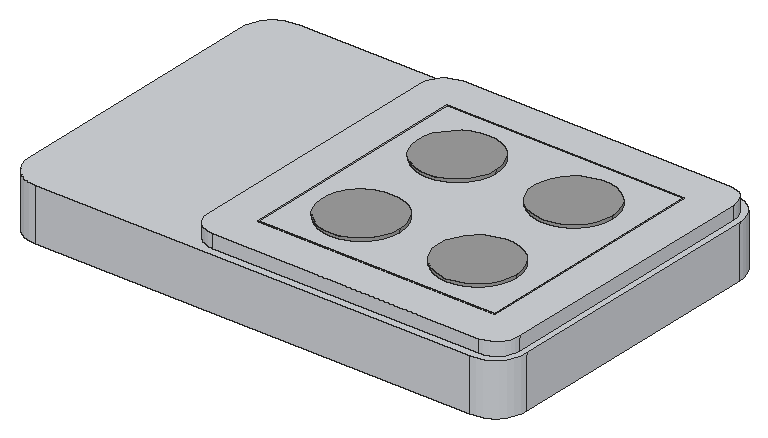
Revit family "Lighting-Industriale-GEWISS-SMART[4]HE_APPARECCHI-LED_1M_DALI", category Apparecchi per illuminazione, Revit 2019
Family settings
  Quota connettore circolare = Usa diametro
  Tipo di parte = Normale
  Numero OmniClass = 23.80.00.00
  Titolo OmniClass = Electric Power and Lighting
  Basato su piano di lavoro = Sì
  Sempre verticale = No
  Taglio con vuoti quando caricato = No
  Sorgente d'illuminazione = No
  Condiviso = No
  Punto di calcolo locali = Sì
Parameters (values of type "GWS4123AQ857 - SMART4LB 1M C.PAS.DALI ELL.57K")
  Voltaggio = 230 V
  Viti esterne = "Acciaio inox"
  Vetro acceso = Lampada accesa
  Versione file RFA = "20.11"
  Vano di alimentazione = "Integrato"
  URL = "https://www.gewiss.com/it/it"
  Tolleranza cromatica = "SDCM = 3"
  Tipologia sorgente luminosa = "LED - Non sostituibile"
  Tipo di installazione e montaggio = "Plafone - Parete - Sospensione"
  Tipo di apparecchio = "Riflettore industriale a LED&nbsp;"
  Tensione di alimentazione = "220 - 240 V"
  Temperatura di stoccaggio = "-40 +70 °C"
  Temperatura di esercizio = "-30°C ÷ +50 °C"
  Temperatura di colore = "5700K"
  Superficie massima esposta al vento : = "0,097 m²"
  Spostamento_Y_etichetta [instance] = 0 mm
  Spostamento_Y_effettivo_etichetta [instance] = 1500 mm - Spostamento_Y_etichetta  # 1500 mm
  Spostamento_X_etichetta [instance] = 0 mm
  Spostamento_X_effettivo_etichetta [instance] = 1500 mm - Spostamento_X_etichetta  # 1500 mm
  SostituibilitÃ  piastra di cablaggio = "Non sostituibile"
  SostituibilitÃ  gruppo ottico = "Non sostituibile"
  Sistema di controllo : = "DALI"
  Sistema di controllo = "1 x DALI DT6"
  Schermo = "Vetro Temprato Spessore 4mm"
  Scheda Tecnica = "https://www.gewiss.com/it/it/search?q=GWS4123AQ857"
  SEO = "Low Bay"
  Resistenza al filo incandescente = "850 °C"
  Resistenza agli urti = "IK08"
  Produttore = "GEWISS S.p.A."
  Potenza di sistema = "48W"
  Peso (kg): = "3,5"
  Ottica = "Ellittica"
  Offset etichetta W [instance] = 120 mm
  Norma di riferimento = "EN 60598-1 ; EN 60598-2-1 ; EN 60598-2-24"
  Modello = "GWS4123AQ857"
  Materiali = "-"
  Lumen output (lm) = "6300"
  Lampada = "LED"
  Installazione e manutenzione = "-"
  Informazioni generali = "-"
  Indice di resa cromatica = "CRI-80"
  Inclinazione = "Con accessorio staffa"
  Immagine tipo = GWL1071.jpg
  IPEA = "-"
  IFC.TypeObject = ""
  IFC.ExportType = ""
  IFC.ExportAs = ""
  IDT = "9d21ab41a4404c819d8f88b838f402fb"
  IDF = "35c11ef9-9684-4acc-8d12-75d744717c91"
  Guarnizioni = "tipo siliconico antinvecchiamento "
  Gruppo ottico = "Riflettore in PC metallizzato e lenti in PMMA"
  Grado di protezione = "IP66"
  Garanzia = "5 anni"
  Gancio di chiusura = "-"
  Frequenza nominale (Hz) = "50/60 Hz"
  Fissaggio = "-"
  Finitura colore = "Grigio RAL 7035"
  Etichetta wattaggio [instance] = yes
  Default Elevation = 1219.2 mm
  Trasformatore = none
  Spessore plafoniera = 40 mm  # constant formula
  Proiettsmart [instance] = yes
  Raggio led = 30 mm  # constant formula
  Plafoniera = none
  Efficienza luminosa (lm/W) = "131"
  Durata di vita = "L90B10 (Tq+25°C) = 100.000 h - L90B10 (Tq+50°C) = 50.000 h"
  Dispositivo di protezione = "DM 6 kV / CM 10 kV"
  Descrizione = "SMART[4]LB 1M C.PAS.DALI ELL.57K"
  Creato da GEWISS S.p.A. = ""
  Corpo = "PA6 “Halogen Free” caricato fibra vetro"
  Controllo abbagliamento e luminanza = "-"
  Contesto = "Illuminazione di logistiche e locali produttivi industriali"
  Commenti sul wattaggio = "50W"
  Colore = "Grigio RAL 7035"
  Codice digitale univoco (Datamatrix) = "Datamatrix"
  Codice Electrocod = "2444"
  Classificazione: = "-"
  Classificazione = Lighting
  Classe isolamento = "I"
  Classe fotobiologica = "RG0"
  Certificazioni e classificazioni = "-"
  Certificazione DIN 18032-3 = "Con Staffa - Kit Funi + morsetto (in approvazione)"
  Catalogo = "LIGHTING"
  Carico apparente = 50 VA
  Motore = none
  Lunghezza = 383 mm  # constant formula
  Larghezza = 253 mm  # constant formula
  Distanza tot_plafoniera = 74 mm  # constant formula
  Dettaglio bidimensionale attivo [instance] = not(Proiettsmart)  # no
  Caratteristiche ottiche e illuminotecniche = "-"
  Caratteristiche elettriche e gestione della luce = "-"
  Cablaggio = "Con connettore stagno Gw connect"
  COBie.Tagnumber = ""
  COBie.CreatedOn = ""
  COBie.CreatebBy = ""
  COBie.ComponentRegisterItemID = ""
  COBie.Component.TagNumber = ""
  COBie.Component.Space = ""
  COBie.Component.SerialNumber = ""
  COBie.Component.InstallationDate = ""
  COBie.Component.Description = ""
  COBie.Component.BarCode = ""
  Applicazione = "Interno"
  Apparecchio a ridotta temperatura superficiale = "Si"
  Alimentatore = "Incluso"
Types (36, lengths in mm): name | Temperatura di colore | Scheda Tecnica | SEO | Ottica | Modello | Lumen output (lm) | IDT | Gruppo ottico | Efficienza luminosa (lm/W) | Descrizione | Controllo abbagliamento e luminanza
  GWS4121AA830 - SMART4LB 1M ST.AL.DALI ARR.30K | "3000K" | "https://www.gewiss.com/it/it/search?q=GWS4121AA830" | "" | "Array" | "GWS4121AA830" | "6700" | "6575a5e226274161888ed1a8da465f44" | "Riflettore in PC metallizzato" | "140" | "SMART[4]LB 1M ST.AL.DALI ARR.30K" | "-"
  GWS4121AA840 - SMART4LB 1M ST.AL.DALI ARR.40K | "4000K" | "https://www.gewiss.com/it/it/search?q=GWS4121AA840" | "" | "Array" | "GWS4121AA840" | "7100" | "7e27655c4dc64b5ebdd023cf2f50b21a" | "Riflettore in PC metallizzato" | "148" | "SMART[4]LB 1M ST.AL.DALI ARR.40K" | "-"
  GWS4121AA857 - SMART4LB 1M ST.AL.DALI ARR.57K | "5700K" | "https://www.gewiss.com/it/it/search?q=GWS4121AA857" | "" | "Array" | "GWS4121AA857" | "7100" | "9294685261564dcc9cdc927a9b5919f4" | "Riflettore in PC metallizzato" | "148" | "SMART[4]LB 1M ST.AL.DALI ARR.57K" | "-"
  GWS4121AC830 - SMART4LB 1M ST.AL.DALI ASI.30K | "3000K" | "https://www.gewiss.com/it/it/search?q=GWS4121AC830" | "Low Bay" | "Asimmetrica" | "GWS4121AC830" | "6000" | "5639a58d57ae401f893442a4c8d9d8d5" | "Riflettore in PC metallizzato e lenti in PMMA" | "125" | "SMART[4]LB 1M ST.AL.DALI ASI.30K" | "-"
  GWS4121AC840 - SMART4LB 1M ST.AL.DALI ASI.40K | "4000K" | "https://www.gewiss.com/it/it/search?q=GWS4121AC840" | "Low Bay" | "Asimmetrica" | "GWS4121AC840" | "6300" | "cf54c576c14047f9b6888000e31c831b" | "Riflettore in PC metallizzato e lenti in PMMA" | "131" | "SMART[4]LB 1M ST.AL.DALI ASI.40K" | "-"
  GWS4121AC857 - SMART4LB 1M ST.AL.DALI ASI.57K | "5700K" | "https://www.gewiss.com/it/it/search?q=GWS4121AC857" | "Low Bay" | "Asimmetrica" | "GWS4121AC857" | "6300" | "e0e8bbd179314f3d951dadfe40b33fbe" | "Riflettore in PC metallizzato e lenti in PMMA" | "131" | "SMART[4]LB 1M ST.AL.DALI ASI.57K" | "-"
  GWS4121AF830 - SMART4LB 1M ST.AL.DALI 30° 30K | "3000K" | "https://www.gewiss.com/it/it/search?q=GWS4121AF830" | "" | "30°" | "GWS4121AF830" | "6600" | "222c483b34654f3aa34360c4fc99fd48" | "Riflettore in PC metallizzato e lenti in PMMA" | "138" | "SMART[4]LB 1M ST.AL.DALI 30° 30K" | "UGR - 22"
  GWS4121AF840 - SMART4LB 1M ST.AL.DALI 30° 40K | "4000K" | "https://www.gewiss.com/it/it/search?q=GWS4121AF840" | "" | "30°" | "GWS4121AF840" | "7000" | "57c5278e8ba54a65bcb4b08dca939587" | "Riflettore in PC metallizzato e lenti in PMMA" | "146" | "SMART[4]LB 1M ST.AL.DALI 30° 40K" | "UGR - 22"
  GWS4121AF857 - SMART4LB 1M ST.AL.DALI 30° 57K | "5700K" | "https://www.gewiss.com/it/it/search?q=GWS4121AF857" | "" | "30°" | "GWS4121AF857" | "7000" | "590fd7cee68a4f7eaebd5c043a54b16e" | "Riflettore in PC metallizzato e lenti in PMMA" | "146" | "SMART[4]LB 1M ST.AL.DALI 30° 57K" | "UGR - 22"
  GWS4121AH830 - SMART4LB 1M ST.AL.DALI 60° 30K | "3000K" | "https://www.gewiss.com/it/it/search?q=GWS4121AH830" | "" | "60°" | "GWS4121AH830" | "6700" | "7559b23f92e1443693dda005dddec8be" | "Riflettore in PC metallizzato e lenti in PMMA" | "140" | "SMART[4]LB 1M ST.AL.DALI 60° 30K" | "UGR - 22"
  GWS4121AH840 - SMART4LB 1M ST.AL.DALI 60° 40K | "4000K" | "https://www.gewiss.com/it/it/search?q=GWS4121AH840" | "" | "60°" | "GWS4121AH840" | "7000" | "114f519ed9254c44869b1d76ee396d78" | "Riflettore in PC metallizzato e lenti in PMMA" | "146" | "SMART[4]LB 1M ST.AL.DALI 60° 40K" | "UGR - 22"
  GWS4121AH857 - SMART4LB 1M ST.AL.DALI 60° 57K | "5700K" | "https://www.gewiss.com/it/it/search?q=GWS4121AH857" | "" | "60°" | "GWS4121AH857" | "7000" | "b2bb59479b284d7dba2b435026cba5f4" | "Riflettore in PC metallizzato e lenti in PMMA" | "146" | "SMART[4]LB 1M ST.AL.DALI 60° 57K" | "UGR - 22"
  GWS4121AP830 - SMART4LB 1M ST.AL.DALI 90° 30K | "3000K" | "https://www.gewiss.com/it/it/search?q=GWS4121AP830" | "" | "90°" | "GWS4121AP830" | "6800" | "3c4b503c0d304551a7d94e2546148cf7" | "Riflettore in PC metallizzato e lenti in PMMA" | "142" | "SMART[4]LB 1M ST.AL.DALI 90° 30K" | "UGR - 25"
  GWS4121AP840 - SMART4LB 1M ST.AL.DALI 90° 40K | "4000K" | "https://www.gewiss.com/it/it/search?q=GWS4121AP840" | "" | "90°" | "GWS4121AP840" | "7200" | "1131016a72414b50821f2010292967ae" | "Riflettore in PC metallizzato e lenti in PMMA" | "150" | "SMART[4]LB 1M ST.AL.DALI 90° 40K" | "UGR - 25"
  GWS4121AP857 - SMART4LB 1M ST.AL.DALI 90° 57K | "5700K" | "https://www.gewiss.com/it/it/search?q=GWS4121AP857" | "" | "90°" | "GWS4121AP857" | "7200" | "d29fc206d8fe467ca91ea074913df435" | "Riflettore in PC metallizzato e lenti in PMMA" | "150" | "SMART[4]LB 1M ST.AL.DALI 90° 57K" | "UGR - 25"
  GWS4121AQ830 - SMART4LB 1M ST.AL.DALI ELL.30K | "3000K" | "https://www.gewiss.com/it/it/search?q=GWS4121AQ830" | "Low Bay" | "Ellittica" | "GWS4121AQ830" | "6000" | "64e97dc79cf04332bbe1c0adddcfb71e" | "Riflettore in PC metallizzato e lenti in PMMA" | "125" | "SMART[4]LB 1M ST.AL.DALI ELL.30K" | "-"
  GWS4121AQ840 - SMART4LB 1M ST.AL.DALI ELL.40K | "4000K" | "https://www.gewiss.com/it/it/search?q=GWS4121AQ840" | "Low Bay" | "Ellittica" | "GWS4121AQ840" | "6300" | "1e6c23f07a064a05a09a8bf78f78dc66" | "Riflettore in PC metallizzato e lenti in PMMA" | "131" | "SMART[4]LB 1M ST.AL.DALI ELL.40K" | "-"
  GWS4121AQ857 - SMART4LB 1M ST.AL.DALI ELL.57K | "5700K" | "https://www.gewiss.com/it/it/search?q=GWS4121AQ857" | "Low Bay" | "Ellittica" | "GWS4121AQ857" | "6300" | "3e8a1355256049cb8f869d7d8f3738ee" | "Riflettore in PC metallizzato e lenti in PMMA" | "131" | "SMART[4]LB 1M ST.AL.DALI ELL.57K" | "-"
  GWS4123AA830 - SMART4LB 1M C.PAS.DALI ARR.30K | "3000K" | "https://www.gewiss.com/it/it/search?q=GWS4123AA830" | "" | "Array" | "GWS4123AA830" | "6700" | "423a1bd639574fa98705e193c6ba380c" | "Riflettore in PC metallizzato" | "140" | "SMART[4]LB 1M C.PAS.DALI ARR.30K" | "-"
  GWS4123AA840 - SMART4LB 1M C.PAS.DALI ARR.40K | "4000K" | "https://www.gewiss.com/it/it/search?q=GWS4123AA840" | "" | "Array" | "GWS4123AA840" | "7100" | "67817799260c45bea176543f1069abf0" | "Riflettore in PC metallizzato" | "148" | "SMART[4]LB 1M C.PAS.DALI ARR.40K" | "-"
  GWS4123AA857 - SMART4LB 1M C.PAS.DALI ARR.57K | "5700K" | "https://www.gewiss.com/it/it/search?q=GWS4123AA857" | "" | "Array" | "GWS4123AA857" | "7100" | "ead64454304c4256b51e884ded535590" | "Riflettore in PC metallizzato" | "148" | "SMART[4]LB 1M C.PAS.DALI ARR.57K" | "-"
  GWS4123AC830 - SMART4LB 1M C.PAS.DALI ASI.30K | "3000K" | "https://www.gewiss.com/it/it/search?q=GWS4123AC830" | "Low Bay" | "Asimmetrica" | "GWS4123AC830" | "6000" | "a5928898b63b485990cee71d2d050c13" | "Riflettore in PC metallizzato e lenti in PMMA" | "125" | "SMART[4]LB 1M C.PAS.DALI ASI.30K" | "-"
  GWS4123AC840 - SMART4LB 1M C.PAS.DALI ASI.40K | "4000K" | "https://www.gewiss.com/it/it/search?q=GWS4123AC840" | "Low Bay" | "Asimmetrica" | "GWS4123AC840" | "6300" | "478b02b8d6d54683b8f480457f1759eb" | "Riflettore in PC metallizzato e lenti in PMMA" | "131" | "SMART[4]LB 1M C.PAS.DALI ASI.40K" | "-"
  GWS4123AC857 - SMART4LB 1M C.PAS.DALI ASI.57K | "5700K" | "https://www.gewiss.com/it/it/search?q=GWS4123AC857" | "Low Bay" | "Asimmetrica" | "GWS4123AC857" | "6300" | "8a72133b518347c08abc40dae101a55c" | "Riflettore in PC metallizzato e lenti in PMMA" | "131" | "SMART[4]LB 1M C.PAS.DALI ASI.57K" | "-"
  GWS4123AF830 - SMART4LB 1M C.PAS.DALI 30° 30K | "3000K" | "https://www.gewiss.com/it/it/search?q=GWS4123AF830" | "" | "30°" | "GWS4123AF830" | "6600" | "570e8caee9c7422c94439ec4f690d745" | "Riflettore in PC metallizzato e lenti in PMMA" | "138" | "SMART[4]LB 1M C.PAS.DALI 30° 30K" | "UGR - 22"
  GWS4123AF840 - SMART4LB 1M C.PAS.DALI 30° 40K | "4000K" | "https://www.gewiss.com/it/it/search?q=GWS4123AF840" | "" | "30°" | "GWS4123AF840" | "7000" | "26895518f0f0431fa5c2be53f5f2ebf3" | "Riflettore in PC metallizzato e lenti in PMMA" | "146" | "SMART[4]LB 1M C.PAS.DALI 30° 40K" | "UGR - 22"
  GWS4123AF857 - SMART4LB 1M C.PAS.DALI 30° 57K | "5700K" | "https://www.gewiss.com/it/it/search?q=GWS4123AF857" | "" | "30°" | "GWS4123AF857" | "7000" | "6af70692b8df4fb1814c615192c6ddb4" | "Riflettore in PC metallizzato e lenti in PMMA" | "146" | "SMART[4]LB 1M C.PAS.DALI 30° 57K" | "UGR - 22"
  GWS4123AH830 - SMART4LB 1M C.PAS.DALI 60° 30K | "3000K" | "https://www.gewiss.com/it/it/search?q=GWS4123AH830" | "" | "60°" | "GWS4123AH830" | "6700" | "b1f4ba53b22c4701a5cd1a40345f7087" | "Riflettore in PC metallizzato e lenti in PMMA" | "140" | "SMART[4]LB 1M C.PAS.DALI 60° 30K" | "UGR - 22"
  GWS4123AH840 - SMART4LB 1M C.PAS.DALI 60° 40K | "4000K" | "https://www.gewiss.com/it/it/search?q=GWS4123AH840" | "" | "60°" | "GWS4123AH840" | "7000" | "7743050c348d4df2a060af9cdba1168f" | "Riflettore in PC metallizzato e lenti in PMMA" | "146" | "SMART[4]LB 1M C.PAS.DALI 60° 40K" | "UGR - 22"
  GWS4123AH857 - SMART4LB 1M C.PAS.DALI 60° 57K | "5700K" | "https://www.gewiss.com/it/it/search?q=GWS4123AH857" | "" | "60°" | "GWS4123AH857" | "7000" | "491433178b634c77bd19eb374e1af8b1" | "Riflettore in PC metallizzato e lenti in PMMA" | "146" | "SMART[4]LB 1M C.PAS.DALI 60° 57K" | "UGR - 22"
  GWS4123AP830 - SMART4LB 1M C.PAS.DALI 90° 30K | "3000K" | "https://www.gewiss.com/it/it/search?q=GWS4123AP830" | "" | "90°" | "GWS4123AP830" | "6800" | "2332b3f4ef524060b2b5212ff4d98975" | "Riflettore in PC metallizzato e lenti in PMMA" | "142" | "SMART[4]LB 1M C.PAS.DALI 90° 30K" | "UGR - 25"
  GWS4123AP840 - SMART4LB 1M C.PAS.DALI 90° 40K | "4000K" | "https://www.gewiss.com/it/it/search?q=GWS4123AP840" | "" | "90°" | "GWS4123AP840" | "7200" | "6287811143d3479186fa79eb33668f68" | "Riflettore in PC metallizzato e lenti in PMMA" | "150" | "SMART[4]LB 1M C.PAS.DALI 90° 40K" | "UGR - 25"
  GWS4123AP857 - SMART4LB 1M C.PAS.DALI 90° 57K | "5700K" | "https://www.gewiss.com/it/it/search?q=GWS4123AP857" | "" | "90°" | "GWS4123AP857" | "7200" | "b0a0baf5fefc4d7d8aa6e24f787e5c83" | "Riflettore in PC metallizzato e lenti in PMMA" | "150" | "SMART[4]LB 1M C.PAS.DALI 90° 57K" | "UGR - 25"
  GWS4123AQ830 - SMART4LB 1M C.PAS.DALI ELL.30K | "3000K" | "https://www.gewiss.com/it/it/search?q=GWS4123AQ830" | "Low Bay" | "Ellittica" | "GWS4123AQ830" | "6000" | "8905c6b3fa9b425a8a614ec06c5b3338" | "Riflettore in PC metallizzato e lenti in PMMA" | "125" | "SMART[4]LB 1M C.PAS.DALI ELL.30K" | "-"
  GWS4123AQ840 - SMART4LB 1M C.PAS.DALI ELL.40K | "4000K" | "https://www.gewiss.com/it/it/search?q=GWS4123AQ840" | "Low Bay" | "Ellittica" | "GWS4123AQ840" | "6300" | "ed34381b28934199b59763328d7240f3" | "Riflettore in PC metallizzato e lenti in PMMA" | "131" | "SMART[4]LB 1M C.PAS.DALI ELL.40K" | "-"
  GWS4123AQ857 - SMART4LB 1M C.PAS.DALI ELL.57K | "5700K" | "https://www.gewiss.com/it/it/search?q=GWS4123AQ857" | "Low Bay" | "Ellittica" | "GWS4123AQ857" | "6300" | "9d21ab41a4404c819d8f88b838f402fb" | "Riflettore in PC metallizzato e lenti in PMMA" | "131" | "SMART[4]LB 1M C.PAS.DALI ELL.57K" | "-"
Reference planes
  plane 1 "Centro (Fronte/Retro)": y = 0
  plane 2: z = 0
  plane 3 "Centro (Sinistra/Destra)": x = 0
  plane 4: x = -191.5
  plane 5: y = 126.5
  plane 6: x = 191.5
  plane 7: y = -126.5
  plane 8: z = -74
  plane 9: x = -175.5
  plane 10: y = -110.5
  plane 11: y = 110.5
  plane 12: x = -60.5
  plane 13: y = 121.5
  plane 14: x = 186.5
  plane 15: y = -120
  plane 16: z = 74
  plane 17: z = 84
  plane 18: z = 86
  plane 19: x = -1500
  plane 20: y = -1500
  plane 21: x = 0
  plane 22: y = 0
Dimensions and locks
  equal spacing: plane 5, plane 1 "Centro (Fronte/Retro)", plane 7
  equal spacing: plane 4, plane 3 "Centro (Sinistra/Destra)", plane 6
  "Lunghezza": plane 4 to plane 6
  "Larghezza": plane 5 to plane 7
  locked: plane 14 to plane 6 at 5
  locked: plane 5 to plane 13 at 5
  nested 3 to plane 8 = 133.058 mm
  locked: plane 4 to plane 9 at 16
  "Offset etichetta W": plane 1 "Centro (Fronte/Retro)" to plane 15
  "Distanza tot_plafoniera": plane 16 to level
  locked: plane 18 to plane 17 at 2
  plane 19 to plane 3 "Centro (Sinistra/Destra)" = 1500 mm
  plane 1 "Centro (Fronte/Retro)" to plane 20 = 1500 mm
  "Spostamento_Y_effettivo_etichetta": plane 22 to plane 20
  "Spostamento_X_effettivo_etichetta": plane 19 to plane 21
  aligned and locked: level to plane 2
  aligned and locked: plane 4 to nested 1
  aligned and locked: plane 6 to nested 1
  aligned and locked: plane 5 to nested 1
  aligned and locked: plane 7 to nested 1
  aligned and locked: plane 14 to nested 2
  aligned and locked: plane 1 "Centro (Fronte/Retro)" to nested 10
  aligned and locked: nested 3 to plane 2
  aligned and locked: plane 16 to nested 1
  aligned and locked: plane 1 "Centro (Fronte/Retro)" to nested 8
  aligned and locked: plane 1 "Centro (Fronte/Retro)" to nested 1
  aligned and locked: plane 1 "Centro (Fronte/Retro)" to nested 2
  aligned and locked: nested 2 to plane 16
  aligned and locked: nested 4 to plane 18
  aligned and locked: plane 18 to nested 6
  aligned and locked: nested 7 to plane 18
  aligned and locked: plane 18 to nested 5
  aligned and locked: nested 9 to plane 22
  aligned and locked: plane 21 to nested 9
Nested families
  nested 1: "Struttura_SMART[4] LB - 2+2 L" at (0, 0, 74), type "SMART Lab (4) 4L"
  nested 2: "mascherina_SMART (4)" at (66.5, 0, 84), type "Maschera_smart (4) 4L", detail levels medium+fine
  nested 3: "Staffa SMART LAB 4" at (65, -20, 59.058) x (0, 1, 0) z (0, 0, -1), type "Staffa SMART LAB 4", detail levels medium+fine
  nested 4: "Gewis - Led" at (20.25, 44.75, 86), type "Gewis - Led", detail levels fine
  nested 5: "Gewis - Led" at (109.75, 44.75, 86) x (-1, 0, 0) z (0, 0, 1), type "Gewis - Led", detail levels fine
  nested 6: "Gewis - Led" at (20.25, -47.75, 86), type "Gewis - Led", detail levels fine
  nested 7: "Gewis - Led" at (109.75, -47.75, 86) x (-1, 0, 0) z (0, 0, 1), type "Gewis - Led", detail levels fine
  nested 8: "Rappr_bidimensionale_SMART[4] LB 4L" at (40, 0, 0), visible <- "Dettaglio bidimensionale attivo", type "SMART[4] LB 4L_bidimensionalerfa"
  nested 9: "ETICHETTA LIGHT" at (0, 0, 0), visible <- "Etichetta wattaggio", type "ETICHETTA LIGHT"
  nested 10: "PROIETTSMART " at (-32.162, 0, 0), visible <- "Proiettsmart", type "PROIETTSMART "
Connectors
  electrical at (0.009, -0.098, 34), driven by "Classificazione", driven by "Carico apparente"
    settings: on nested 1, index 1, voltage 230 V, apparent load 0 VA, apparent load phase1 50 VA, apparent load phase2 0 VA, apparent load phase3 0 VA, power factor 1, load classification "Lighting", number of poles 2, system type 31, power factor state 1, is connector primary yes, connector utility no, sub classification motor no, connector description ""
Definition of nested family "Struttura_SMART[4] LB - 2+2 L"
  Parameters (values of type "SMART Lab (4) 4L")
    Struttura plafoniera = none
    Spessore_plafoniera = 40 mm
    Lunghezza = 383 mm
    Larghezza = 253 mm
  Reference planes
    plane 1 "Asse sorgente illuminazione (F/B)": y = 0
    plane 2: z = 0
    plane 3 "Asse sorgente illuminazione (L/R)": x = 0
    plane 4 "Prospetto sorgente di illuminazione": z = -40
    plane 5 "SX": x = -191.5
    plane 6 "DX": x = 191.5
    plane 7 "DIETRO": y = 126.5
    plane 8 "AVANTI": y = -126.5
    plane 9: x = -51.5
    plane 10: x = 180.5
    plane 11: y = -115.5
    plane 12: y = 115.5
    plane 13: x = -180.5
    plane 14: x = 51.5
  Forms (mm)
    Extrusion 1, solid, material <- "Struttura plafoniera"
      sketch origin (0, 0, 0) x (1, 0, 0) y (0, 1, 0)
        loop
          line (191.5, -102.095) -> (191.5, 102.09)
          arc (191.5, 102.09) -> (184.35, 119.35) -> (167.09, 126.5) r 24.41
          line (167.09, 126.5) -> (-167.009, 126.5)
          arc (-167.009, 126.5) -> (-184.554, 119.1) -> (-191.5, 101.371) r 24.499
          line (-191.5, 101.371) -> (-191.5, -102.092)
          arc (-191.5, -102.092) -> (-184.351, -119.351) -> (-167.092, -126.5) r 24.408
          line (-167.092, -126.5) -> (167.117, -126.5)
          arc (167.117, -126.5) -> (184.334, -119.368) -> (191.465, -102.152) r 24.348
      from -40 to 0
  Dimensions and locks
    equal spacing: plane 5 "SX", plane 3 "Asse sorgente illuminazione (L/R)", plane 6 "DX"
    equal spacing: plane 7 "DIETRO", plane 1 "Asse sorgente illuminazione (F/B)", plane 8 "AVANTI"
    "Lunghezza": plane 5 "SX" to plane 6 "DX"
    "Larghezza": plane 7 "DIETRO" to plane 8 "AVANTI"
    locked: plane 7 "DIETRO" to plane 12 at 11
    locked: plane 11 to plane 8 "AVANTI" at 11
    locked: plane 10 to plane 6 "DX" at 11
    locked: plane 9 to plane 10 at 232
    plane 13 to plane 14 = 232 mm
    locked: plane 5 "SX" to plane 13 at 11
    "Spessore_plafoniera": plane 2 to plane 4 "Prospetto sorgente di illuminazione"
    aligned and locked: level to plane 2
    aligned and locked: Extrusion 1 to plane 5 "SX"
    aligned and locked: Extrusion 1 to plane 8 "AVANTI"  (x2)
    aligned and locked: plane 7 "DIETRO" to Extrusion 1
    aligned and locked: plane 6 "DX" to Extrusion 1
    aligned and locked: plane 4 "Prospetto sorgente di illuminazione" to Extrusion 1
    aligned and locked: plane 2 to Extrusion 1
  Automatic sketch dimensions
    Extrusion 1 sketch curve to plane 5 "SX" = 0 mm
    Extrusion 1 sketch curve to plane 8 "AVANTI" = 0 mm
    Extrusion 1 sketch curve to plane 7 "DIETRO" = 0 mm
    Extrusion 1 sketch curve to plane 6 "DX" = 0 mm
    plane 13 to Extrusion 1 sketch curve = 13.408 mm
    plane 13 to Extrusion 1 sketch curve = 13.491 mm
    Extrusion 1 sketch curve to plane 10 = 13.41 mm
    Extrusion 1 sketch curve to plane 10 = 13.383 mm
    plane 11 to Extrusion 1 sketch curve = 13.348 mm
    Extrusion 1 sketch curve to plane 12 = 14.129 mm
    Extrusion 1 sketch curve to Extrusion 1 sketch curve = 0.056 mm
Definition of nested family "mascherina_SMART (4)"
  Parameters (values of type "Maschera_smart (4) 4L")
    Spessore_mascherina = 10 mm
    Default Elevation = 1219.2 mm
    N.intarsi = (Lunghezza_mascherina - (Bordo * 2)) / 15 mm  # 12
    N._intarsi verticale = (Larghezza_mascherina - (Bordo * 2)) / 17 mm  # 11
    Mascherina = none
    Lunghezza_mascherina = 240 mm
    Larghezza_mascherina = 240 mm
    Distanza_intarsi v. = 41 mm  # constant formula
    Distanza_intarsi = 37 mm  # constant formula
    Bordo = 29 mm
  Reference planes
    plane 1 "Centro (Fronte/Retro)": y = 0
    plane 2: z = 0
    plane 3 "Centro (Sinistra/Destra)": x = 0
    plane 4: x = -120
    plane 5 "Dietro": y = 120
    plane 6: x = 120
    plane 7: y = -120
    plane 8: x = -91
    plane 9: y = -91
    plane 10: x = 91
    plane 11: y = 91
    plane 12: x = -83
    plane 13: y = 94.742
    plane 14: y = -95
    plane 15: z = -10
    plane 16: x = -95
    plane 17: y = 79
    plane 18: y = -79
    plane 19: x = 95
    plane 20: z = -4.799
  Forms (mm)
    Extrusion 1, solid, material <- "Mascherina"
      sketch origin (0, 0, 0) x (1, 0, 0) y (0, 1, 0)
        loop
          arc (-102.5, 120) -> (-114.874, 114.874) -> (-120, 102.5) r 17.5
          line (-120, 102.5) -> (-120, -102.5)
          arc (-120, -102.5) -> (-114.874, -114.874) -> (-102.5, -120) r 17.5
          line (-102.5, -120) -> (102.5, -120)
          arc (102.5, -120) -> (114.874, -114.874) -> (120, -102.5) r 17.5
          line (120, -102.5) -> (120, 102.5)
          arc (120, 102.5) -> (114.874, 114.874) -> (102.5, 120) r 17.5
          line (102.5, 120) -> (-102.5, 120)
        loop
          line (-91, 91) -> (-91, -91) -> (91, -91) -> (91, 91) -> (-91, 91)
      from -10 to 0
    Extrusion 2, solid, material <- "Mascherina"
      sketch origin (0, 0, 0) x (1, 0, 0) y (0, 1, 0)
        loop
          line (-91, 91) -> (-91, -91) -> (91, -91) -> (91, 91) -> (-91, 91)
      from -4.799 to 0
  Dimensions and locks
    equal spacing: plane 4, plane 3 "Centro (Sinistra/Destra)", plane 6
    "Lunghezza_mascherina": plane 4 to plane 6
    equal spacing: plane 5 "Dietro", plane 1 "Centro (Fronte/Retro)", plane 7
    "Larghezza_mascherina": plane 5 "Dietro" to plane 7
    "Bordo": plane 4 to plane 8
    "Bordo": plane 9 to plane 7
    "Bordo": plane 5 "Dietro" to plane 11
    "Bordo": plane 10 to plane 6
    "Distanza_intarsi": plane 4 to plane 12
    locked: plane 13 to plane 11 at 3.742
    "Spessore_mascherina": plane 2 to plane 15
    "Distanza_intarsi v.": plane 5 "Dietro" to plane 17
    "Distanza_intarsi v.": plane 18 to plane 7
    locked: plane 9 to plane 14 at 4
    locked: plane 16 to plane 8 at 4
    locked: plane 10 to plane 19 at 4
    locked: plane 2 to plane 20 at 4.799
    radius of Extrusion 1 sketch curve = 17.5 mm  (x4)
    aligned and locked: level to plane 2
    aligned and locked: plane 4 to Extrusion 1 sketch curve
    aligned and locked: plane 6 to Extrusion 1 sketch curve
    aligned and locked: Extrusion 1 sketch curve to plane 5 "Dietro"
    aligned and locked: Extrusion 1 sketch curve to plane 7
    aligned and locked: Extrusion 1 sketch curve to plane 11
    aligned and locked: plane 8 to Extrusion 1 sketch curve
    aligned and locked: plane 9 to Extrusion 1 sketch curve
    aligned and locked: Extrusion 1 sketch curve to plane 10
    aligned and locked: plane 2 to Extrusion 1
    aligned and locked: Extrusion 1 to plane 15
    aligned and locked: Extrusion 2 sketch curve to plane 10
    aligned and locked: plane 9 to Extrusion 2 sketch curve
    aligned and locked: plane 8 to Extrusion 2 sketch curve
    aligned and locked: Extrusion 2 sketch curve to plane 11
    aligned and locked: plane 2 to Extrusion 2
    aligned and locked: Extrusion 2 to plane 20
Definition of nested family "Staffa SMART LAB 4"
  Parameters (values of type "Staffa SMART LAB 4")
    Staffa = none
    Default Elevation = 1219.2 mm
  Reference planes
    plane 1 "Centro (Fronte/Retro)": y = 0
    plane 2: z = 0
    plane 3 "Centro (Sinistra/Destra)": x = 0
    plane 4: y = 25
    plane 5: y = -25
    plane 6: x = -480
    plane 7: x = 480
    plane 8: z = 340
  Forms (mm)
    Extrusion 1, solid, material <- "Staffa"
      sketch origin (-19.427, 0, 0) x (1, 0, 0) y (0, 0, 1)
        loop
          line (-52.112, 0) -> (-51.312, 0) -> (-51.312, 5.038) -> (-51.312, 7.679) -> (-48.064, 11.553) -> (-48.309, 20.832)
          arc (-48.309, 20.832) -> (-48.108, 21.384) -> (-47.585, 21.651) r 0.801
          line (-47.585, 21.651) -> (-46.541, 21.744)
          arc (-46.541, 21.744) -> (-45.388, 22.346) -> (-44.998, 23.587) r 1.701
          line (-44.998, 23.587) -> (-45.225, 26.168) -> (-47.881, 28.39) -> (-47.881, 32.971) -> (-23.475, 58.058) -> (62.329, 58.058) -> (86.735, 32.971) -> (86.735, 28.39) -> (84.08, 26.168) -> (83.852, 23.587)
          arc (83.852, 23.587) -> (84.243, 22.346) -> (85.396, 21.744) r 1.701
          line (85.396, 21.744) -> (86.439, 21.651)
          arc (86.439, 21.651) -> (86.963, 21.384) -> (87.163, 20.832) r 0.801
          line (87.163, 20.832) -> (86.919, 11.553) -> (90.167, 7.679) -> (90.167, 5.038) -> (90.167, 0) -> (90.967, 0) -> (90.967, 5.038) -> (90.967, 7.979) -> (87.921, 11.618) -> (88.163, 20.806)
          arc (88.163, 20.806) -> (87.71, 22.048) -> (86.531, 22.647) r 1.801
          line (86.531, 22.647) -> (85.484, 22.74)
          arc (85.484, 22.74) -> (85.009, 22.988) -> (84.849, 23.499) r 0.701
          line (84.849, 23.499) -> (85.039, 25.667) -> (87.735, 27.923) -> (87.735, 32.876) -> (86.947, 34.187) -> (62.751, 59.058) -> (-23.897, 59.058) -> (-48.093, 34.187) -> (-48.881, 32.876) -> (-48.881, 27.923) -> (-46.185, 25.667) -> (-45.994, 23.499)
          arc (-45.994, 23.499) -> (-46.155, 22.988) -> (-46.63, 22.74) r 0.701
          line (-46.63, 22.74) -> (-47.676, 22.647)
          arc (-47.676, 22.647) -> (-48.856, 22.048) -> (-49.308, 20.806) r 1.801
          line (-49.308, 20.806) -> (-49.066, 11.618) -> (-52.112, 7.979) -> (-52.112, 5.038) -> (-52.112, 0)
      from -25 to 25
  Dimensions and locks
    equal spacing: plane 6, plane 3 "Centro (Sinistra/Destra)", plane 7
    equal spacing: plane 4, plane 1 "Centro (Fronte/Retro)", plane 5
    plane 4 to plane 5 = 50 mm
    plane 6 to plane 7 = 960 mm
    aligned and locked: level to plane 2
    aligned and locked: plane 4 to Extrusion 1
    aligned and locked: Extrusion 1 to plane 5
  Automatic sketch dimensions
    Extrusion 1 sketch curve to Extrusion 1 sketch curve = 0 mm  (x10)
    Extrusion 1 sketch curve to level = 0 mm  (x2)
    level to Extrusion 1 sketch curve = 5.038 mm
    Extrusion 1 sketch curve to plane 3 "Centro (Sinistra/Destra)" = 71.54 mm
    Extrusion 1 sketch curve to Extrusion 1 sketch curve = 0.8 mm  (x2)
    level to Extrusion 1 sketch curve = 20.806 mm  (x2)
    Extrusion 1 sketch curve to Extrusion 1 sketch curve = 2.804 mm
    level to Extrusion 1 sketch curve = 11.618 mm  (x2)
    Extrusion 1 sketch curve to Extrusion 1 sketch curve = 2.246 mm  (x2)
    Extrusion 1 sketch curve to Extrusion 1 sketch curve = 0.428 mm
    level to Extrusion 1 sketch curve = 20.832 mm  (x2)
    Extrusion 1 sketch curve to Extrusion 1 sketch curve = 1 mm  (x4)
    Extrusion 1 sketch curve to Extrusion 1 sketch curve = 0.788 mm
    level to Extrusion 1 sketch curve = 11.553 mm  (x2)
    Extrusion 1 sketch curve to Extrusion 1 sketch curve = 1.002 mm  (x2)
    level to Extrusion 1 sketch curve = 22.647 mm  (x2)
    Extrusion 1 sketch curve to Extrusion 1 sketch curve = 0.632 mm
    level to Extrusion 1 sketch curve = 21.651 mm  (x2)
    Extrusion 1 sketch curve to Extrusion 1 sketch curve = 0.092 mm  (x2)
    Extrusion 1 sketch curve to Extrusion 1 sketch curve = 0.984 mm
    level to Extrusion 1 sketch curve = 22.74 mm  (x2)
    Extrusion 1 sketch curve to Extrusion 1 sketch curve = 0.062 mm
    level to Extrusion 1 sketch curve = 21.744 mm  (x2)
    Extrusion 1 sketch curve to Extrusion 1 sketch curve = 0.088 mm
    Extrusion 1 sketch curve to Extrusion 1 sketch curve = 0.507 mm
    level to Extrusion 1 sketch curve = 23.499 mm  (x2)
    Extrusion 1 sketch curve to Extrusion 1 sketch curve = 0.698 mm  (x2)
    Extrusion 1 sketch curve to Extrusion 1 sketch curve = 0.96 mm  (x2)
    level to Extrusion 1 sketch curve = 23.587 mm  (x2)
    Extrusion 1 sketch curve to plane 3 "Centro (Sinistra/Destra)" = 43.324 mm
    Extrusion 1 sketch curve to Extrusion 1 sketch curve = 0.422 mm  (x2)
    plane 3 "Centro (Sinistra/Destra)" to Extrusion 1 sketch curve = 42.902 mm
    Extrusion 1 sketch curve to Extrusion 1 sketch curve = 21.523 mm
    level to Extrusion 1 sketch curve = 26.168 mm
    Extrusion 1 sketch curve to Extrusion 1 sketch curve = 0.227 mm
    Extrusion 1 sketch curve to Extrusion 1 sketch curve = 0.996 mm
    level to Extrusion 1 sketch curve = 25.667 mm
    Extrusion 1 sketch curve to Extrusion 1 sketch curve = 0.548 mm
    Extrusion 1 sketch curve to Extrusion 1 sketch curve = 0.966 mm
    Extrusion 1 sketch curve to Extrusion 1 sketch curve = 0.077 mm
    level to Extrusion 1 sketch curve = 28.39 mm
    Extrusion 1 sketch curve to Extrusion 1 sketch curve = 1.696 mm
    Extrusion 1 sketch curve to Extrusion 1 sketch curve = 0.557 mm
    level to Extrusion 1 sketch curve = 34.187 mm
    Extrusion 1 sketch curve to Extrusion 1 sketch curve = 0.212 mm
    Extrusion 1 sketch curve to Extrusion 1 sketch curve = 0.801 mm
    level to Extrusion 1 sketch curve = 7.679 mm
    Extrusion 1 sketch curve to Extrusion 1 sketch curve = 2.641 mm  (x2)
    Extrusion 1 sketch curve to Extrusion 1 sketch curve = 0.3 mm  (x2)
    Extrusion 1 sketch curve to Extrusion 1 sketch curve = 2.168 mm
    Extrusion 1 sketch curve to Extrusion 1 sketch curve = 0.501 mm
    Extrusion 1 sketch curve to Extrusion 1 sketch curve = 0.467 mm  (x2)
    Extrusion 1 sketch curve to Extrusion 1 sketch curve = 2.256 mm
    Extrusion 1 sketch curve to Extrusion 1 sketch curve = 4.486 mm
    Extrusion 1 sketch curve to Extrusion 1 sketch curve = 1.311 mm
    Extrusion 1 sketch curve to Extrusion 1 sketch curve = 0.095 mm  (x2)
    Extrusion 1 sketch curve to Extrusion 1 sketch curve = 1.216 mm
    Extrusion 1 sketch curve to Extrusion 1 sketch curve = 23.87 mm
Definition of nested family "Gewis - Led"
  Parameters (values of type "Gewis - Led")
    Vetro = none
    Raggio led = 30 mm
    Default Elevation = 1219.2 mm
    Estensione vetro = 3 mm
  Reference planes
    plane 1 "Centro (Fronte/Retro)": y = 0
    plane 2: z = 0
    plane 3 "Centro (Sinistra/Destra)": x = 0
  Forms (mm)
    Extrusion 1, solid, material <- "Vetro"
      sketch origin (0, 0, 0) x (1, 0, 0) y (0, 1, 0)
        loop
          circle (0, 0) r 30
      from -3 to 0
  Dimensions and locks
    "Estensione vetro": level to Extrusion 1
    "Raggio led": radius of Extrusion 1 sketch curve
    aligned and locked: level to plane 2
    aligned and locked: level to Extrusion 1
  Automatic sketch dimensions
    plane 1 "Centro (Fronte/Retro)" to Extrusion 1 sketch curve = 0 mm
    Extrusion 1 sketch curve to plane 3 "Centro (Sinistra/Destra)" = 0 mm
Definition of nested family "Rappr_bidimensionale_SMART[4] LB 4L"
  Reference planes
    plane 1 "Centro (Fronte/Retro)": y = 0
    plane 2: z = 0
    plane 3 "Centro (Sinistra/Destra)": x = 0
  Lines and regions (mm)
    model lines, in view "Livello rif."
      curve 1: circle (-20.568, 47.057, 0) r 28.619 normal (0, 0, 1)
      curve 2: circle (73.432, -46.943, 0) r 28.619 normal (0, 0, 1)
      curve 3: circle (-20.568, -46.943, 0) r 28.619 normal (0, 0, 1)
      curve 4: circle (73.432, 47.057, 0) r 28.619 normal (0, 0, 1)
      curve 5: arc (-93.068, -104.009, 0) -> (-88.529, -114.969, 0) -> (-77.568, -119.509, 0) r 15.5
      curve 6: arc (145.932, 103.991, 0) -> (141.392, 114.952, 0) -> (130.432, 119.491, 0) r 15.5
      curve 7: arc (-77.568, 119.491, 0) -> (-88.529, 114.952, 0) -> (-93.068, 103.991, 0) r 15.5
      curve 8: arc (130.432, -119.509, 0) -> (141.392, -114.969, 0) -> (145.932, -104.009, 0) r 15.5
      curve 9: arc (152.721, 103.991, 0) -> (146.196, 119.749, 0) -> (130.441, 126.281, 0) r 22.29
      curve 10: arc (130.443, -126.298, 0) -> (146.197, -119.766, 0) -> (152.721, -104.009, 0) r 22.29
      curve 11: arc (-230.358, -108, 0) -> (-225, -120.942, 0) -> (-212.058, -126.298, 0) r 18.29
      curve 12: arc (-212.077, 126.281, 0) -> (-225.001, 120.924, 0) -> (-230.358, 108, 0) r 18.29
      curve 13: line (-66.068, -92.509, 0) -> (-66.068, 92.491, 0)
      curve 14: line (-66.068, 92.491, 0) -> (118.932, 92.491, 0)
      curve 15: line (118.932, 92.491, 0) -> (118.932, -92.509, 0)
      curve 16: line (118.932, -92.509, 0) -> (-66.068, -92.509, 0)
      curve 17: line (-77.568, -119.509, 0) -> (130.432, -119.509, 0)
      curve 18: line (-77.568, 119.491, 0) -> (130.432, 119.491, 0)
      curve 19: line (-93.068, 103.991, 0) -> (-93.068, -104.009, 0)
      curve 20: line (145.932, 103.991, 0) -> (145.932, -104.009, 0)
      curve 21: line (-212.077, 126.281, 0) -> (130.441, 126.281, 0)
      curve 22: line (152.721, 103.991, 0) -> (152.721, -104.009, 0)
      curve 23: line (130.443, -126.298, 0) -> (-212.058, -126.298, 0)
      curve 24: line (-230.358, -108, 0) -> (-230.358, 108, 0)
Definition of nested family "ETICHETTA LIGHT"
  Parameters (values of type "ETICHETTA LIGHT")
    COMMENTI = "53W"
  Reference planes
    plane 1: y = 0
    plane 2: x = 0
  Text (mm)
    label "COMMENTI" at (-0.057, 0.105, 0), shows "COMMENTI"
Definition of nested family "PROIETTSMART "
  Reference planes
    plane 1 "Centro (Fronte/Retro)": y = 0
    plane 2: z = 0
    plane 3 "Centro (Sinistra/Destra)": x = 0
  Lines and regions (mm)
    model lines, in view "Livello rif."
      curve 1: line (120.593, -21.515, 0) -> (77.393, -0.008, 0)
      curve 2: line (77.393, -0.008, 0) -> (120.593, 21.758, 0)
      curve 3: line (120.593, 21.758, 0) -> (120.593, -21.515, 0)
      curve 4: line (77.393, 21.629, 0) -> (77.393, -21.645, 0)
      curve 5: line (77.393, -0.008, 0) -> (52.133, -0.008, 0)
      curve 6: line (120.593, 0.122, 0) -> (139.246, 0.122, 0)
      curve 7: line (162.162, 66.747, 0) -> (162.162, -66.747, 0)
      curve 8: line (162.162, -66.747, 0) -> (-97.838, -66.747, 0)
      curve 9: line (-97.838, -66.747, 0) -> (-97.838, 66.747, 0)
      curve 10: line (-97.838, 66.747, 0) -> (162.162, 66.747, 0)
      curve 11: line (45.772, 49.667, 0) -> (145.121, 49.667, 0)
      curve 12: line (145.121, 49.667, 0) -> (145.121, -49.683, 0)
      curve 13: line (145.121, -49.683, 0) -> (45.772, -49.683, 0)
      curve 14: line (45.772, -49.683, 0) -> (45.772, 49.667, 0)
